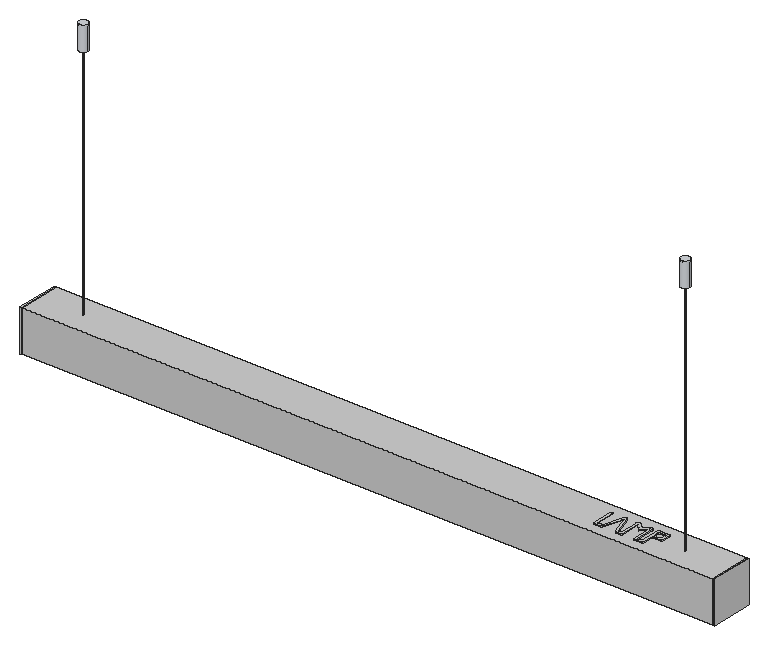
Revit family "LAMP_FIL 70 OPAL SUSPENDED DALI", category Luminarias, Revit 2015
Parameters (values of type "1162MM 2600LM 3000K GREY")
  Ángulo de inclinación = 90.00°
  Weight = 2.536 kg
  Type = "MID POWER PHILIPS"
  Suspension [instance] = 400.00 mm
  Protection rating = "IP42, IK06"
  Product datasheet = "https://www.lamp.es/product-files/TECH/F71SF120LOOP830DG-EN.pdf"
  Product code = "F71SF120LOOP830DG"
  Product URL = "https://www.lamp.es/en/family/fil-70_33399"
  Power Supply = "220-240V 50-60Hz"
  Power = 17 W
  Plum = 19.2 W
  NO COVER 2 [instance] = not(END COVER 2)  # no
  NO COVER 1 [instance] = not(END COVER 1)  # no
  Modelo = Product code  # "F71SF120LOOP830DG"
  Model explanation = "Availability of switching between accessories through visibility parameters when placed in a project."
  Material codo = LAMP_Aluminio Perfil Fil GR
  Material Difusor = LAMP_PC Difusor Opal Fil
  Manufacturer name = "LAMP"
  Manufacturer country = "Spain"
  Manufacturer URL = "http://www.lamp.es/en"
  MacAdam = "3"
  Luminaire type = "Indoor - Modular System"
  Last update = "12/08/2020"
  Installation instructions = "https://www.lamp.es/product-files/INS/1002960-J-INSTR.%20ESTRUCTURA%20FIL%2070.pdf"
  IEE = "A+"
  Gear = "Adjustable DALI"
  Finish = "Gloss Grey"
  Fabricante = Manufacturer name  # "LAMP"
  Efficacy = 103.8 lm/W
  END COVER 2 [instance] = yes
  END COVER 1 [instance] = yes
  Descripción = "FIL 70 OPAL SUS 2600 WW DALI GR."
  Comentarios de tipo = Model explanation  # "Availability of switching between accessories through visibility parameters when placed in a project."
  built-in parameter 1140040 [instance] = (empty or 0)
  CRI = "80"
  LED Lifetime = "60000 L80 B10"
  Dimensiones = "1.162x70x70mm"
  Wattage = 19.2 W
  UniClass 2.0 Descripción = ""
  UniClass 2.0 Code = Product code  # "F71SF120LOOP830DG"
  UniClass 1.4 Descripción = ""
  UniClass 1.4 Code = Product code  # "F71SF120LOOP830DG"
  built-in parameter 1150110 = 1 (stored number, unit not read)
  Omniclass Descripción = ""
  OmniClass Code = ""
  Material Perfil = LAMP_Aluminio Perfil Fil GR
  Lámpara = "LED MID-POWER"
  Largo = 1162.00 mm
  IFC Clasificación = "Light Fixture"
  built-in parameter 1114217 = 1 (stored number, unit not read)
  built-in parameter 1150109 = 1 (stored number, unit not read)
  Suspension distance [instance] = if(Suspension > 4000.00 mm, 4000.00 mm, Suspension)  # 400.00 mm
  built-in parameter 1150134 = (empty or 0)
  built-in parameter 1150113 = 1 (stored number, unit not read)
  Lumens = 1992.96 lm
  built-in parameter 1150115 = 1 (stored number, unit not read)
  built-in parameter 1150105 = 733.15 (stored number, unit not read)
  built-in parameter 1150137 = (empty or 0)
  built-in parameter 1150139 = (empty or 0)
  built-in parameter 1150112 = 1 (stored number, unit not read)
  built-in parameter 1150114 = 1 (stored number, unit not read)
  built-in parameter 1150132 = 2
  built-in parameter 1150102 = (empty or 0)
  built-in parameter 1150138 = (empty or 0)
  built-in parameter 1150107 = 3000 (stored number, unit not read)
  built-in parameter 1150106 = 7.3315 (stored number, unit not read)
  Emit from Line Length = Largo  # 1162.00 mm
  built-in parameter 1150104 = 9.6433 (stored number, unit not read)
  Insulation class = "I"
  Dimming Lamp Color Temperature Shift = (empty or 0)
  Color Filter = 16777215
  built-in parameter 1114218 = 1 (stored number, unit not read)
  CORNER 2 RIGHT [instance] = and(NO COVER 2, ACC CORNER 2, not(CORNER 2 LEFT))  # no
  CORNER 2 LEFT [instance] = and(NO COVER 2, ACC CORNER 2, CHANGE SIDE CORNER 2)  # no
  CORNER 1 RIGHT [instance] = and(NO COVER 1, ACC CORNER 1, not(CORNER 1 LEFT))  # no
  CORNER 1 LEFT [instance] = and(NO COVER 1, ACC CORNER 1, CHANGE SIDE CORNER 1)  # no
  CHANGE SIDE CORNER 2 [instance] = no
  CHANGE SIDE CORNER 1 [instance] = no
  Archivo de red fotométrica = "4741483.IES"
  ACC CORNER 2 [instance] = no
  ACC CORNER 1 [instance] = no
  built-in parameter 1150133 = 10 (stored number, unit not read)
Types (16, lengths in mm): name | Weight | Product datasheet | Product code | Power | Plum | Modelo | Material codo | Finish | Efficacy | Descripción | LED Lifetime | Dimensiones | Wattage | UniClass 2.0 Code | UniClass 1.4 Code | Material Perfil | Largo | built-in parameter 1150134 | Lumens | built-in parameter 1150105 | built-in parameter 1150107 | built-in parameter 1150106 | Emit from Line Length | built-in parameter 1150104 | Archivo de red fotométrica
  1162MM 2600LM 3000K GREY | 2.536 kg | "https://www.lamp.es/product-files/TECH/F71SF120LOOP830DG-EN.pdf" | "F71SF120LOOP830DG" | 17 W | 19.2 W | "F71SF120LOOP830DG" | LAMP_Aluminio Perfil Fil GR | "Gloss Grey" | 103.8 lm/W | "FIL 70 OPAL SUS 2600 WW DALI GR." | "60000 L80 B10" | "1.162x70x70mm" | 19.2 W | "F71SF120LOOP830DG" | "F71SF120LOOP830DG" | LAMP_Aluminio Perfil Fil GR | 1162.00 | (empty or 0) | 1992.96 lm | 733.15 (stored number, unit not read) | 3000 (stored number, unit not read) | 7.3315 (stored number, unit not read) | 1162.00 | 9.6433 (stored number, unit not read) | "4741483.IES"
  1162MM 2600LM 3000K WHITE | 2.536 kg | "https://www.lamp.es/product-files/TECH/F71SF120LOOP830DW-EN.pdf" | "F71SF120LOOP830DW" | 17 W | 19.2 W | "F71SF120LOOP830DW" | LAMP_Aluminio Perfil Fil BL | "Matt White" | 103.8 lm/W | "FIL 70 OPAL SUS 2600 WW DALI WH." | "60000 L80 B10" | "1.162x70x70mm" | 19.2 W | "F71SF120LOOP830DW" | "F71SF120LOOP830DW" | LAMP_Aluminio Perfil Fil BL | 1162.00 | (empty or 0) | 1992.96 lm | 733.15 (stored number, unit not read) | 3000 (stored number, unit not read) | 7.3315 (stored number, unit not read) | 1162.00 | 9.6433 (stored number, unit not read) | "4741480.IES"
  1162MM 2600LM 4000K GREY | 2.536 kg | "https://www.lamp.es/product-files/TECH/F71SF120LOOP840DG-EN.pdf" | "F71SF120LOOP840DG" | 17 W | 19.2 W | "F71SF120LOOP840DG" | LAMP_Aluminio Perfil Fil GR | "Gloss Grey" | 111.6 lm/W | "FIL 70 OPAL SUS 2600 NW DALI GR." | "60000 L80 B10" | "1.162x70x70mm" | 19.2 W | "F71SF120LOOP840DG" | "F71SF120LOOP840DG" | LAMP_Aluminio Perfil Fil GR | 1162.00 | 12 | 2142.72 lm | 793.87 (stored number, unit not read) | 4000 (stored number, unit not read) | 7.9387 (stored number, unit not read) | 1162.00 | 10.368 (stored number, unit not read) | "4740483.IES"
  1162MM 2600LM 4000K WHITE | 2.536 kg | "https://www.lamp.es/product-files/TECH/F71SF120LOOP840DW-EN.pdf" | "F71SF120LOOP840DW" | 17 W | 19.2 W | "F71SF120LOOP840DW" | LAMP_Aluminio Perfil Fil BL | "Matt White" | 111.6 lm/W | "FIL 70 OPAL SUS 2600 NW DALI WH." | "60000 L80 B10" | "1.162x70x70mm" | 19.2 W | "F71SF120LOOP840DW" | "F71SF120LOOP840DW" | LAMP_Aluminio Perfil Fil BL | 1162.00 | 12 | 2142.72 lm | 793.87 (stored number, unit not read) | 4000 (stored number, unit not read) | 7.9387 (stored number, unit not read) | 1162.00 | 10.368 (stored number, unit not read) | "4740480.IES"
  1162MM 4400LM 3000K GREY | 2.525 kg | "https://www.lamp.es/product-files/TECH/F71SF120HOOP830DG-EN.pdf" | "F71SF120HOOP830DG" | 28 W | 30.7 W | "F71SF120HOOP830DG" | LAMP_Aluminio Perfil Fil GR | "Gloss Grey" | 109.8 lm/W | "FIL 70 OPAL SUS 4400 WW DALI GR." | "60000 L80 B10" | "1.162x70x70mm" | 30.7 W | "F71SF120HOOP830DG" | "F71SF120HOOP830DG" | LAMP_Aluminio Perfil Fil GR | 1162.00 | (empty or 0) | 3370.86 lm | 1248.9 (stored number, unit not read) | 3000 (stored number, unit not read) | 12.489 (stored number, unit not read) | 1162.00 | 10.201 (stored number, unit not read) | "4741563.IES"
  1162MM 4400LM 3000K WHITE | 2.525 kg | "https://www.lamp.es/product-files/TECH/F71SF120HOOP830DW-EN.pdf" | "F71SF120HOOP830DW" | 28 W | 30.7 W | "F71SF120HOOP830DW" | LAMP_Aluminio Perfil Fil BL | "Matt White" | 109.8 lm/W | "FIL 70 OPAL SUS 4400 WW DALI WH." | "60000 L80 B10" | "1.162x70x70mm" | 30.7 W | "F71SF120HOOP830DW" | "F71SF120HOOP830DW" | LAMP_Aluminio Perfil Fil BL | 1162.00 | (empty or 0) | 3370.86 lm | 1248.9 (stored number, unit not read) | 3000 (stored number, unit not read) | 12.489 (stored number, unit not read) | 1162.00 | 10.201 (stored number, unit not read) | "4741560.IES"
  1162MM 4400LM 4000K GREY | 2.525 kg | "https://www.lamp.es/product-files/TECH/F71SF120HOOP840DG-EN.pdf" | "F71SF120HOOP840DG" | 28 W | 30.7 W | "F71SF120HOOP840DG" | LAMP_Aluminio Perfil Fil GR | "Gloss Grey" | 115.5 lm/W | "FIL 70 OPAL SUS 4400 NW DALI GR." | "60000 L80 B10" | "1.162x70x70mm" | 30.7 W | "F71SF120HOOP840DG" | "F71SF120HOOP840DG" | LAMP_Aluminio Perfil Fil GR | 1162.00 | 12 | 3545.85 lm | 1304.5 (stored number, unit not read) | 4000 (stored number, unit not read) | 13.045 (stored number, unit not read) | 1162.00 | 10.73 (stored number, unit not read) | "4740563.IES"
  1162MM 4400LM 4000K WHITE | 2.525 kg | "https://www.lamp.es/product-files/TECH/F71SF120HOOP840DW-EN.pdf" | "F71SF120HOOP840DW" | 28 W | 30.7 W | "F71SF120HOOP840DW" | LAMP_Aluminio Perfil Fil BL | "Gloss Grey" | 115.5 lm/W | "FIL 70 OPAL SUS 4400 NW DALI WH." | "60000 L80 B10" | "1.162x70x70mm" | 30.7 W | "F71SF120HOOP840DW" | "F71SF120HOOP840DW" | LAMP_Aluminio Perfil Fil BL | 1162.00 | 12 | 3545.85 lm | 1304.5 (stored number, unit not read) | 4000 (stored number, unit not read) | 13.045 (stored number, unit not read) | 1162.00 | 10.73 (stored number, unit not read) | "4740560.IES"
  1743MM 3900LM 3000K GREY | 4.094 kg | "https://www.lamp.es/product-files/TECH/F71SF170LOOP830DG-EN.pdf" | "F71SF170LOOP830DG" | 25 W | 29.7 W | "F71SF170LOOP830DG" | LAMP_Aluminio Perfil Fil GR | "Gloss Grey" | 100.6 lm/W | "FIL 70 OPAL SUS 3900 WW DALI GR." | "50000 L80 B10" | "1.743x70x70mm" | 29.7 W | "F71SF170LOOP830DG" | "F71SF170LOOP830DG" | LAMP_Aluminio Perfil Fil GR | 1743.00 | (empty or 0) | 2987.82 lm | 1106.7 (stored number, unit not read) | 3000 (stored number, unit not read) | 11.067 (stored number, unit not read) | 1743.00 | 9.346 (stored number, unit not read) | "4741493.IES"
  1743MM 3900LM 3000K WHITE | 4.094 kg | "https://www.lamp.es/product-files/TECH/F71SF170LOOP830DW-EN.pdf" | "F71SF170LOOP830DW" | 25 W | 29.7 W | "F71SF170LOOP830DW" | LAMP_Aluminio Perfil Fil BL | "Matt White" | 100.6 lm/W | "FIL 70 OPAL SUS 3900 WW DALI WH." | "50000 L80 B10" | "1.743x70x70mm" | 29.7 W | "F71SF170LOOP830DW" | "F71SF170LOOP830DW" | LAMP_Aluminio Perfil Fil BL | 1743.00 | (empty or 0) | 2987.82 lm | 1106.7 (stored number, unit not read) | 3000 (stored number, unit not read) | 11.067 (stored number, unit not read) | 1743.00 | 9.346 (stored number, unit not read) | "4741490.IES"
  1743MM 3900LM 4000K GREY | 4.094 kg | "https://www.lamp.es/product-files/TECH/F71SF170LOOP840DG-EN.pdf" | "F71SF170LOOP840DG" | 25 W | 29.7 W | "F71SF170LOOP840DG" | LAMP_Aluminio Perfil Fil GR | "Gloss Grey" | 108.3 lm/W | "FIL 70 OPAL SUS 3900 NW DALI GR." | "50000 L80 B10" | "1.743x70x70mm" | 29.7 W | "F71SF170LOOP840DG" | "F71SF170LOOP840DG" | LAMP_Aluminio Perfil Fil GR | 1743.00 | 12 | 3216.51 lm | 1191.7 (stored number, unit not read) | 4000 (stored number, unit not read) | 11.917 (stored number, unit not read) | 1743.00 | 10.061 (stored number, unit not read) | "4740493.IES"
  1743MM 3900LM 4000K WHITE | 4.094 kg | "https://www.lamp.es/product-files/TECH/F71SF170LOOP840DW-EN.pdf" | "F71SF170LOOP840DW" | 25 W | 29.7 W | "F71SF170LOOP840DW" | LAMP_Aluminio Perfil Fil BL | "Matt White" | 108.3 lm/W | "FIL 70 OPAL SUS 3900 NW DALI WH." | "50000 L80 B10" | "1.743x70x70mm" | 29.7 W | "F71SF170LOOP840DW" | "F71SF170LOOP840DW" | LAMP_Aluminio Perfil Fil BL | 1743.00 | 12 | 3216.51 lm | 1191.7 (stored number, unit not read) | 4000 (stored number, unit not read) | 11.917 (stored number, unit not read) | 1743.00 | 10.061 (stored number, unit not read) | "4740490.IES"
  1743MM 6600LM 3000K GREY | 4.094 kg | "https://www.lamp.es/product-files/TECH/F71SF170HOOP830DG-EN.pdf" | "F71SF170HOOP830DG" | 41 W | 45.8 W | "F71SF170HOOP830DG" | LAMP_Aluminio Perfil Fil GR | "Gloss Grey" | 110.4 lm/W | "FIL 70 OPAL SUS 6600 WW DALI GR." | "50000 L80 B10" | "1.743x70x70mm" | 45.8 W | "F71SF170HOOP830DG" | "F71SF170HOOP830DG" | LAMP_Aluminio Perfil Fil GR | 1743.00 | (empty or 0) | 5056.32 lm | 1860.1 (stored number, unit not read) | 3000 (stored number, unit not read) | 18.601 (stored number, unit not read) | 1743.00 | 10.256 (stored number, unit not read) | "4741573.IES"
  1743MM 6600LM 3000K WHITE | 4.094 kg | "https://www.lamp.es/product-files/TECH/F71SF170HOOP830DW-EN.pdf" | "F71SF170HOOP830DW" | 41 W | 45.8 W | "F71SF170HOOP830DW" | LAMP_Aluminio Perfil Fil BL | "Matt White" | 110.4 lm/W | "FIL 70 OPAL SUS 6600 WW DALI WH." | "50000 L80 B10" | "1.743x70x70mm" | 45.8 W | "F71SF170HOOP830DW" | "F71SF170HOOP830DW" | LAMP_Aluminio Perfil Fil BL | 1743.00 | (empty or 0) | 5056.32 lm | 1860.1 (stored number, unit not read) | 3000 (stored number, unit not read) | 18.601 (stored number, unit not read) | 1743.00 | 10.256 (stored number, unit not read) | "4741570.IES"
  1743MM 6600LM 4000K GREY | 4.094 kg | "https://www.lamp.es/product-files/TECH/F71SF170HOOP840DG-EN.pdf" | "F71SF170HOOP840DG" | 41 W | 45.8 W | "F71SF170HOOP840DG" | LAMP_Aluminio Perfil Fil GR | "Gloss Grey" | 116.1 lm/W | "FIL 70 OPAL SUS 6600 NW DALI GR." | "50000 L80 B10" | "1.743x70x70mm" | 45.8 W | "F71SF170HOOP840DG" | "F71SF170HOOP840DG" | LAMP_Aluminio Perfil Fil GR | 1743.00 | 12 | 5317.38 lm | 1969.7 (stored number, unit not read) | 4000 (stored number, unit not read) | 19.697 (stored number, unit not read) | 1743.00 | 10.786 (stored number, unit not read) | "4740573.IES"
  1743MM 6600LM 4000K WHITE | 4.094 kg | "https://www.lamp.es/product-files/TECH/F71SF170HOOP840DW-EN.pdf" | "F71SF170HOOP840DW" | 41 W | 45.8 W | "F71SF170HOOP840DW" | LAMP_Aluminio Perfil Fil BL | "Matt White" | 116.1 lm/W | "FIL 70 OPAL SUS 6600 NW DALI WH." | "50000 L80 B10" | "1.743x70x70mm" | 45.8 W | "F71SF170HOOP840DW" | "F71SF170HOOP840DW" | LAMP_Aluminio Perfil Fil BL | 1743.00 | 12 | 5317.38 lm | 1969.7 (stored number, unit not read) | 4000 (stored number, unit not read) | 19.697 (stored number, unit not read) | 1743.00 | 10.786 (stored number, unit not read) | "4740570.IES"
Reference planes
  plane 1 "Eje de origen de luz (F/P)": y = 0
  plane 2 "Techo": z = 2438.4
  plane 3 "Eje de origen de luz (I/D)": x = 0
  plane 4 "Elevación de origen de luz": z = 1928.4
  plane 5 "derecha": x = 1162
  plane 6: z = 2398.4
  plane 7 "Centro origen de luz": x = 581
  plane 8: z = 1998.4
Forms (mm)
  Extrusion 1, solid, material "LAMP_Aluminio Perfil Fil GR" <- "Material Perfil"
    sketch origin (0, 0, -99.116) x (0, 1, 0) y (0, 0, 1)
      loop
        line (-35, 2097.516) -> (-35, 2027.516) -> (35, 2027.516) -> (35, 2097.516) -> (-35, 2097.516)
    from 0 to 1162
  Extrusion 2, void
    sketch origin (0, 0, -99.116) x (0, 1, 0) y (0, 0, 1)
      loop
        line (-35, 2027.516) -> (35, 2027.516) -> (33.241, 2033.54) -> (-33.241, 2033.54) -> (-35, 2027.516)
    from 0 to 1162
  Extrusion 3, solid, material "LAMP_PC Difusor Opal Fil" <- "Material Difusor"
    sketch origin (0, 0, -99.116) x (0, 1, 0) y (0, 0, 1)
      loop
        line (-32.899, 2029.507) -> (-34.049, 2027.516) -> (34.042, 2027.516) -> (32.893, 2029.507) -> (-32.899, 2029.507)
    from 0 to 1162
  Extrusion 4, solid
    sketch origin (0, 0, 0) x (1, 0, 0) y (0, 1, 0)
      loop
        circle (1087, 0) r 7.5
    from 2398.4 to 2438.4
  Extrusion 5, solid
    sketch origin (510, 0, 0) x (1, 0, 0) y (0, 1, 0)
      loop
        circle (577, 0) r 1
    from 1998.4 to 2398.4
  Extrusion 6, solid
    sketch origin (1130, 0, 0) x (-1, 0, 0) y (0, -1, 0)
      loop
        circle (1055, 0) r 7.5
    from 2398.4 to 2438.4
  Extrusion 7, solid
    sketch origin (620, 0, 0) x (-1, 0, 0) y (0, -1, 0)
      loop
        circle (545, 0) r 1
    from 1998.4 to 2398.4
  Extrusion 8, solid, material "LAMP_Aluminio Perfil Fil GR" <- "Material Perfil", visible <- "END COVER 2"
    sketch origin (0, 0, 0) x (0, 1, 0) y (0, 0, 1)
      loop
        line (-35, 1998.4) -> (-35, 1928.4) -> (35, 1928.4) -> (35, 1998.4) -> (-35, 1998.4)
    from 0 to -3
  Extrusion 9, solid, material "LAMP_Aluminio Perfil Fil GR" <- "Material Perfil", visible <- "END COVER 1"
    sketch origin (1162, 0, 0) x (0, 1, 0) y (0, 0, 1)
      loop
        line (-35, 1998.4) -> (-35, 1928.4) -> (35, 1928.4) -> (35, 1998.4) -> (-35, 1998.4)
    from 0 to 3
  Extrusion 10, solid, material "LAMP_Aluminio Perfil Fil GR" <- "Material Perfil"
    sketch origin (-726.601, -4572, 1998.4) x (-1, 0, 0) y (0, -1, 0)
      loop
        arc (-1673.783, -4554.725) -> (-1674.313, -4553.446) -> (-1675.591, -4552.917) r 1.808
        line (-1675.591, -4552.917) -> (-1686.604, -4552.917)
        arc (-1686.604, -4552.917) -> (-1687.696, -4553.266) -> (-1688.382, -4554.185) r 1.88
        line (-1688.382, -4554.185) -> (-1699.396, -4586.196) -> (-1710.351, -4554.36)
        arc (-1710.351, -4554.36) -> (-1710.994, -4553.498) -> (-1712.019, -4553.17) r 1.764
        line (-1712.019, -4553.17) -> (-1719.951, -4553.17)
        arc (-1719.951, -4553.17) -> (-1721.201, -4553.688) -> (-1721.719, -4554.938) r 1.768
        line (-1721.719, -4554.938) -> (-1721.719, -4586.398) -> (-1731.679, -4576.438) -> (-1741.638, -4586.398) -> (-1741.638, -4554.633)
        arc (-1741.638, -4554.633) -> (-1742.141, -4553.42) -> (-1743.355, -4552.917) r 1.717
        line (-1743.355, -4552.917) -> (-1755.672, -4552.917)
        arc (-1755.672, -4552.917) -> (-1756.985, -4553.461) -> (-1757.53, -4554.775) r 1.858
        line (-1757.53, -4554.775) -> (-1757.53, -4584.857)
        arc (-1757.53, -4584.857) -> (-1758.056, -4586.127) -> (-1759.326, -4586.653) r 1.796
        line (-1759.326, -4586.653) -> (-1767.68, -4586.653)
        arc (-1767.68, -4586.653) -> (-1768.988, -4586.111) -> (-1769.53, -4584.803) r 1.849
        line (-1769.53, -4584.803) -> (-1769.53, -4578.491)
        arc (-1769.53, -4578.491) -> (-1768.991, -4577.191) -> (-1767.692, -4576.653) r 1.838
        line (-1767.692, -4576.653) -> (-1759.998, -4576.653)
        arc (-1759.998, -4576.653) -> (-1757.998, -4574.653) -> (-1759.998, -4572.653) r 2
        line (-1759.998, -4572.653) -> (-1771.737, -4572.653)
        arc (-1771.737, -4572.653) -> (-1773.005, -4573.178) -> (-1773.53, -4574.446) r 1.793
        line (-1773.53, -4574.446) -> (-1773.53, -4588.771)
        arc (-1773.53, -4588.771) -> (-1772.978, -4590.102) -> (-1771.648, -4590.653) r 1.882
        line (-1771.648, -4590.653) -> (-1755.388, -4590.653)
        arc (-1755.388, -4590.653) -> (-1754.074, -4590.109) -> (-1753.53, -4588.795) r 1.858
        line (-1753.53, -4588.795) -> (-1753.53, -4558.724)
        arc (-1753.53, -4558.724) -> (-1752.985, -4557.41) -> (-1751.671, -4556.865) r 1.859
        line (-1751.671, -4556.865) -> (-1747.557, -4556.865)
        arc (-1747.557, -4556.865) -> (-1746.249, -4557.407) -> (-1745.708, -4558.714) r 1.849
        line (-1745.708, -4558.714) -> (-1745.708, -4586.97)
        arc (-1745.708, -4586.97) -> (-1742.806, -4591.003) -> (-1738.061, -4589.533) r 4.253
        line (-1738.061, -4589.533) -> (-1731.679, -4583.151) -> (-1725.297, -4589.533)
        arc (-1725.297, -4589.533) -> (-1720.551, -4591.003) -> (-1717.65, -4586.97) r 4.253
        line (-1717.65, -4586.97) -> (-1717.65, -4559.166)
        arc (-1717.65, -4559.166) -> (-1715.733, -4556.902) -> (-1713.185, -4558.419) r 2.295
        line (-1713.185, -4558.419) -> (-1702.978, -4588.097)
        arc (-1702.978, -4588.097) -> (-1699.396, -4590.653) -> (-1695.815, -4588.097) r 3.788
        line (-1695.815, -4588.097) -> (-1685.507, -4558.123)
        arc (-1685.507, -4558.123) -> (-1684.827, -4557.212) -> (-1683.744, -4556.865) r 1.864
        line (-1683.744, -4556.865) -> (-1679.56, -4556.865)
        arc (-1679.56, -4556.865) -> (-1678.303, -4557.386) -> (-1677.783, -4558.642) r 1.777
        line (-1677.783, -4558.642) -> (-1677.783, -4588.865)
        arc (-1677.783, -4588.865) -> (-1675.783, -4590.865) -> (-1673.783, -4588.865) r 2
        line (-1673.783, -4588.865) -> (-1673.783, -4554.725)
    from 0 to 1
Cuts and joins
  Extrusion 2 cuts Extrusion 1
Text (mm)
  text "Any modification of the parameters and properties of the LAMP BIM models must be executed and validated by the LAMP technical department.\n\nPhone: +34 93 736 68 00\n\nE-mail: lamp@lamp.es\n\n\n\nLAMP reserves the right to modify the technical specifications of its products." at (1229.161, -154.404, 1716.468), in view "Preview"
Dimensions and locks
  equal spacing: host sketch curve, plane 3 "Eje de origen de luz (I/D)", host sketch curve
  equal spacing: host sketch curve, plane 1 "Eje de origen de luz (F/P)", host sketch curve
  host sketch curve to host sketch curve = 3048.00 mm  (x2)
  "Largo": plane 3 "Eje de origen de luz (I/D)" to plane 5 "derecha"
  locked: cut or joined group of Extrusion 1, Extrusion 2 to cut or joined group of Extrusion 1, Extrusion 2 at 70  (x2)
  Extrusion 3 sketch curve to imposter light = 1.991 mm
  locked: cut or joined group of Extrusion 1, Extrusion 2 to Extrusion 2 sketch curve at 6.024
  locked: plane 2 "Techo" to plane 6 at 40
  equal spacing: plane 3 "Eje de origen de luz (I/D)", plane 7 "Centro origen de luz", plane 5 "derecha"
  locked: plane 8 to plane 4 "Elevación de origen de luz" at 70
  "Suspension": plane 6 to plane 8
  aligned and locked: plane 1 "Eje de origen de luz (F/P)" to imposter light
  aligned and locked: plane 4 "Elevación de origen de luz" to imposter light
  aligned and locked: plane 5 "derecha" to Extrusion 1
  aligned and locked: plane 4 "Elevación de origen de luz" to cut or joined group of Extrusion 1, Extrusion 2
  aligned and locked: plane 4 "Elevación de origen de luz" to Extrusion 2
  aligned and locked: plane 2 "Techo" to Extrusion 4
  aligned and locked: Extrusion 4 to plane 6
  aligned and locked: plane 6 to Extrusion 5
  aligned and locked: plane 5 "derecha" to Extrusion 3
  aligned and locked: plane 5 "derecha" to Extrusion 2
  aligned and locked: Extrusion 3 to plane 3 "Eje de origen de luz (I/D)"
  aligned and locked: cut or joined group of Extrusion 1, Extrusion 2 to plane 3 "Eje de origen de luz (I/D)"
  aligned and locked: imposter light to plane 7 "Centro origen de luz"
  aligned and locked: plane 2 "Techo" to Extrusion 6
  aligned and locked: Extrusion 6 to plane 6
  aligned and locked: plane 6 to Extrusion 7
  aligned and locked: Extrusion 2 to plane 3 "Eje de origen de luz (I/D)"
  aligned and locked: Extrusion 5 to cut or joined group of Extrusion 1, Extrusion 2
  aligned and locked: Extrusion 7 to cut or joined group of Extrusion 1, Extrusion 2
  aligned and locked: plane 8 to cut or joined group of Extrusion 1, Extrusion 2
  aligned and locked: Extrusion 8 to plane 8
  aligned and locked: plane 8 to Extrusion 9
  aligned and locked: plane 5 "derecha" to nested 1
  aligned and locked: plane 8 to nested 1
  aligned and locked: plane 8 to nested 2
  aligned and locked: Extrusion 9 to plane 5 "derecha"
  aligned and locked: nested 2 to plane 5 "derecha"
  aligned and locked: nested 3 to plane 8
  aligned and locked: nested 4 to plane 8
  aligned and locked: Extrusion 10 to plane 8
Automatic sketch dimensions
  plane 4 "Elevación de origen de luz" to Extrusion 1 sketch curve = 0.00 mm
  plane 1 "Eje de origen de luz (F/P)" to Extrusion 1 sketch curve = 35.00 mm
  Extrusion 1 sketch curve to plane 1 "Eje de origen de luz (F/P)" = 35.00 mm
  Extrusion 1 sketch curve to plane 4 "Elevación de origen de luz" = 70.00 mm
  plane 4 "Elevación de origen de luz" to Extrusion 2 sketch curve = 0.00 mm
  plane 1 "Eje de origen de luz (F/P)" to Extrusion 2 sketch curve = 35.00 mm
  Extrusion 2 sketch curve to Extrusion 2 sketch curve = 1.759 mm  (x2)
  Extrusion 2 sketch curve to plane 1 "Eje de origen de luz (F/P)" = 33.241 mm
  plane 4 "Elevación de origen de luz" to Extrusion 3 sketch curve = 0.00 mm
  plane 1 "Eje de origen de luz (F/P)" to Extrusion 3 sketch curve = 34.049 mm
  Extrusion 3 sketch curve to Extrusion 3 sketch curve = 1.149 mm  (x2)
  Extrusion 3 sketch curve to plane 1 "Eje de origen de luz (F/P)" = 32.893 mm
  plane 1 "Eje de origen de luz (F/P)" to Extrusion 4 sketch curve = 0.00 mm
  Extrusion 4 sketch curve to plane 5 "derecha" = 75.00 mm
  plane 1 "Eje de origen de luz (F/P)" to Extrusion 5 sketch curve = 0.00 mm
  Extrusion 5 sketch curve to plane 5 "derecha" = 75.00 mm
  plane 1 "Eje de origen de luz (F/P)" to Extrusion 6 sketch curve = 0.00 mm
  Extrusion 6 sketch curve to plane 3 "Eje de origen de luz (I/D)" = 75.00 mm
  plane 1 "Eje de origen de luz (F/P)" to Extrusion 7 sketch curve = 0.00 mm
  Extrusion 7 sketch curve to plane 3 "Eje de origen de luz (I/D)" = 75.00 mm
  plane 4 "Elevación de origen de luz" to Extrusion 8 sketch curve = 0.00 mm
  plane 1 "Eje de origen de luz (F/P)" to Extrusion 8 sketch curve = 35.00 mm
  Extrusion 8 sketch curve to plane 1 "Eje de origen de luz (F/P)" = 35.00 mm
  Extrusion 8 sketch curve to plane 4 "Elevación de origen de luz" = 70.00 mm
  plane 4 "Elevación de origen de luz" to Extrusion 9 sketch curve = 0.00 mm
  plane 1 "Eje de origen de luz (F/P)" to Extrusion 9 sketch curve = 35.00 mm
  Extrusion 9 sketch curve to plane 1 "Eje de origen de luz (F/P)" = 35.00 mm
  Extrusion 9 sketch curve to plane 4 "Elevación de origen de luz" = 70.00 mm
  Extrusion 10 sketch curve to plane 1 "Eje de origen de luz (F/P)" = 16.771 mm
  Extrusion 10 sketch curve to plane 5 "derecha" = 115.071 mm
  Extrusion 10 sketch curve to plane 1 "Eje de origen de luz (F/P)" = 0.653 mm
  Extrusion 10 sketch curve to Extrusion 10 sketch curve = 1.793 mm
  Extrusion 10 sketch curve to Extrusion 10 sketch curve = 1.882 mm
  Extrusion 10 sketch curve to Extrusion 10 sketch curve = 2.207 mm
  Extrusion 10 sketch curve to Extrusion 10 sketch curve = 1.838 mm
  Extrusion 10 sketch curve to Extrusion 10 sketch curve = 1.849 mm  (x2)
  Extrusion 10 sketch curve to Extrusion 10 sketch curve = 7.693 mm
  Extrusion 10 sketch curve to Extrusion 10 sketch curve = 8.355 mm
  Extrusion 10 sketch curve to Extrusion 10 sketch curve = 2.469 mm
  Extrusion 10 sketch curve to Extrusion 10 sketch curve = 1.858 mm  (x2)
  Extrusion 10 sketch curve to Extrusion 10 sketch curve = 3.938 mm
  Extrusion 10 sketch curve to Extrusion 10 sketch curve = 1.859 mm
  Extrusion 10 sketch curve to Extrusion 10 sketch curve = 4.114 mm
  Extrusion 10 sketch curve to Extrusion 10 sketch curve = 4.201 mm
  Extrusion 10 sketch curve to Extrusion 10 sketch curve = 4.07 mm  (x2)
  Extrusion 10 sketch curve to Extrusion 10 sketch curve = 0.184 mm  (x2)
  Extrusion 10 sketch curve to plane 1 "Eje de origen de luz (F/P)" = 17.533 mm  (x2)
  Extrusion 10 sketch curve to Extrusion 10 sketch curve = 3.394 mm  (x2)
  Extrusion 10 sketch curve to plane 1 "Eje de origen de luz (F/P)" = 4.438 mm
  Extrusion 10 sketch curve to Extrusion 10 sketch curve = 9.96 mm
  Extrusion 10 sketch curve to plane 1 "Eje de origen de luz (F/P)" = 11.151 mm
  Extrusion 10 sketch curve to Extrusion 10 sketch curve = 0.00 mm  (x2)
  Extrusion 10 sketch curve to plane 1 "Eje de origen de luz (F/P)" = 14.398 mm
  Extrusion 10 sketch curve to Extrusion 10 sketch curve = 1.768 mm
  Extrusion 10 sketch curve to Extrusion 10 sketch curve = 2.295 mm
  plane 1 "Eje de origen de luz (F/P)" to Extrusion 10 sketch curve = 13.581 mm
  Extrusion 10 sketch curve to Extrusion 10 sketch curve = 2.17 mm
  Extrusion 10 sketch curve to Extrusion 10 sketch curve = 1.166 mm
  plane 1 "Eje de origen de luz (F/P)" to Extrusion 10 sketch curve = 17.64 mm
  Extrusion 10 sketch curve to Extrusion 10 sketch curve = 1.668 mm
  Extrusion 10 sketch curve to plane 1 "Eje de origen de luz (F/P)" = 16.097 mm  (x2)
  Extrusion 10 sketch curve to Extrusion 10 sketch curve = 14.671 mm
  Extrusion 10 sketch curve to plane 1 "Eje de origen de luz (F/P)" = 14.196 mm
  Extrusion 10 sketch curve to Extrusion 10 sketch curve = 3.582 mm
  plane 1 "Eje de origen de luz (F/P)" to Extrusion 10 sketch curve = 17.815 mm
  Extrusion 10 sketch curve to Extrusion 10 sketch curve = 21.969 mm
  Extrusion 10 sketch curve to Extrusion 10 sketch curve = 1.778 mm
  plane 1 "Eje de origen de luz (F/P)" to Extrusion 10 sketch curve = 13.877 mm
  Extrusion 10 sketch curve to Extrusion 10 sketch curve = 1.098 mm
  Extrusion 10 sketch curve to Extrusion 10 sketch curve = 1.763 mm
  Extrusion 10 sketch curve to Extrusion 10 sketch curve = 4.184 mm
  Extrusion 10 sketch curve to Extrusion 10 sketch curve = 18.032 mm
  Extrusion 10 sketch curve to Extrusion 10 sketch curve = 2.00 mm
  Extrusion 10 sketch curve to Extrusion 10 sketch curve = 1.808 mm
  Extrusion 10 sketch curve to plane 1 "Eje de origen de luz (F/P)" = 16.865 mm
  Extrusion 10 sketch curve to Extrusion 10 sketch curve = 0.669 mm
  Extrusion 10 sketch curve to Extrusion 10 sketch curve = 2.118 mm
  Extrusion 10 sketch curve to Extrusion 10 sketch curve = 4.045 mm
  Extrusion 10 sketch curve to Extrusion 10 sketch curve = 0.606 mm
  plane 1 "Eje de origen de luz (F/P)" to Extrusion 10 sketch curve = 13.276 mm
  Extrusion 10 sketch curve to Extrusion 10 sketch curve = 4.228 mm
  Extrusion 10 sketch curve to Extrusion 10 sketch curve = 0.612 mm
  Extrusion 10 sketch curve to Extrusion 10 sketch curve = 3.949 mm
  radius of Extrusion 4 sketch curve = 7.50 mm
  radius of Extrusion 5 sketch curve = 1.00 mm
  radius of Extrusion 6 sketch curve = 7.50 mm
  radius of Extrusion 7 sketch curve = 1.00 mm
Nested families
  nested 1: "LAMP_FIL + LED ACC SUSPENDED 90º CORNER" at (1162, 35, 1928.4), Material <- "Material codo", visible <- "CORNER 1 RIGHT", type "GREY"
    with Material LAMP_Aluminio Perfil Fil GR
  nested 2: "LAMP_FIL + LED ACC SUSPENDED 90º CORNER" at (1252, 55, 1928.4) x (0, -1, 0) z (0, 0, 1), Material <- "Material codo", visible <- "CORNER 1 LEFT", type "GREY"
    with Material LAMP_Aluminio Perfil Fil GR
  nested 3: "LAMP_FIL + LED ACC SUSPENDED 90º CORNER" at (0, 35, 1928.4) x (-1, 0, 0) z (0, 0, 1), Material <- "Material codo", visible <- "CORNER 2 RIGHT", type "GREY"
    with Material LAMP_Aluminio Perfil Fil GR
  nested 4: "LAMP_FIL + LED ACC SUSPENDED 90º CORNER" at (-90, 55, 1928.4) x (0, -1, 0) z (0, 0, 1), Material <- "Material codo", visible <- "CORNER 2 LEFT", type "GREY"
    with Material LAMP_Aluminio Perfil Fil GR
Connectors
  electrical at (30, 0, 1998.4)
    settings: on Extrusion 1, index 1, voltage 240 V, apparent load 0 VA, apparent load phase1 0 VA, apparent load phase2 0 VA, apparent load phase3 0 VA, power factor 1, load classification "Otro", number of poles 1, system type 30, power factor state 1, is connector primary yes, connector utility no, sub classification motor no, connector description ""
Definition of nested family "LAMP_FIL + LED ACC SUSPENDED 90º CORNER"
  Parameters (values of type "WHITE")
    Weight = 0.24 kg
    Product datasheet = "http://www.lamp.es/product-files/TECH/4700110-EN.pdf"
    Product code = "4700110"
    Model = Product code  # "4700110"
    Material [instance] = none
    Manufacturer name = "LAMP"
    Manufacturer country = "Spain"
    Manufacturer URL = "http://www.lamp.es/en"
    Last update = "09/05/2018"
    Installation instructions = ""
    Finish = "Matt White"
    Manufacturer = Manufacturer name  # "LAMP"
    Description = "FIL + ACC. SUS 90º CORNER WH."
    Accessory Type = "Assembly"
  Types (2, lengths in mm): name | Product datasheet | Product code | Model | Finish | Description
    GREY | "http://www.lamp.es/product-files/TECH/4700113-EN.pdf" | "4700113" | "4700113" | "Gloss Grey" | "FIL + ACC. SUS 90º CORNER GR."
    WHITE | "http://www.lamp.es/product-files/TECH/4700110-EN.pdf" | "4700110" | "4700110" | "Matt White" | "FIL + ACC. SUS 90º CORNER WH."
  Reference planes
    plane 1 "Centro (Frontal/Posterior)": y = 0
    plane 2: z = 0
    plane 3 "Centro (Izquierda/Derecha)": x = 0
  Forms (mm)
    Sweep 1, solid, material <- "Material"
      path origin (0, 0, 0) x (1, 0, 0) y (0, 1, 0)
        loop
          line (0, 0) -> (90, 0) -> (90, -90)
      profile origin (45, 0, 0) x (0, 1, 0) y (0, 0, 1)
        loop
          line (-70, 0) -> (0, 0) -> (0, 70) -> (-70, 70) -> (-70, 0)
  Text (mm)
    text "Any modification of the parameters and properties of the LAMP BIM models must be executed and validated by the LAMP technical department.\n\nPhone: +34 93 736 68 00\n\nE-mail: lamp@lamp.es\n\n\n\nLAMP reserves the right to modify the technical specifications of its products." at (15168.82, -59287.277, 21078.712), in view "Preview"
  Dimensions and locks
    aligned and locked: level to plane 2
